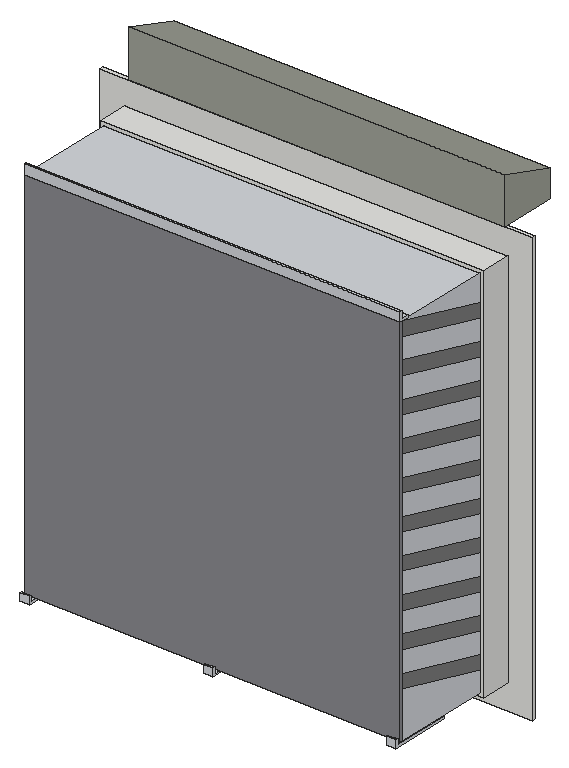
Revit family "97-AWD-LOU-DSD-SS-AC(LOD400)", category Windows, host Wall, Revit 2018
Family settings
  Host = Wall
  OmniClass Number = 23.33.29.31
  Always vertical = Yes
  Cut with Voids When Loaded = No
  Shared = No
  Room Calculation Point = No
Parameters (values of type "AWD-LOU-DSD-SS-AC")
  Width2 [instance] = Width / 2  # 500 mm
  Weather Throat [instance] = yes
  NumberOfLouvre [instance] = Height / 100 mm  # 10
  Height [instance] = 1000 mm
  Default Sill Height [instance] = 800 mm
  Wall Closure = By host
  Width [instance] = 1000 mm
  DSD.Com.Material = "Aluminmum"
  DSD.Com.Installed Date [instance] = "01/05/2018"
  DSD.Com.Commission Date [instance] = "01/01/2019"
  DSD.Com.CAT Code = "ALO"
  DSD.Com.Asset Code [instance] = ""
  DSD.ALO.Width = 500 mm
  DSD.ALO.Space Room [instance] = "Transformer Room"
  DSD.ALO.Offset [instance] = 2451 mm
  DSD.ALO.Maintenance Agent [instance] = "BCM"
  DSD.ALO.Lourve Mark [instance] = "L1"
  DSD.ALO.Link to Other Drawing [instance] = ""
  DSD.ALO.Level [instance] = "9.80"
  DSD.ALO.Height = 500 mm
  DSD.ALO.Handover Date [instance] = "01/02/2019"
  DSD.ALO.Contract Number = "DC/2006/09"
  DSD.ALO.Completion Date [instance] = "30/12/2018"
  Analytic Construction = "<None>"
Reference planes
  plane 1 "Center (Front/Back)": y = 0
  plane 2 "Center (Left/Right)": x = 0
  plane 3 "Left": x = -500
  plane 4 "Right": x = 500
  plane 5 "Sill": z = 800
  plane 6 "Head": z = 1800
  plane 7 "Exterior": y = 100
  plane 8 "Interior": y = -100
  plane 9: z = 832.472
Forms (mm)
  Extrusion 1, solid, material "CONC_Grey_129-132-118", visible <- "Weather Throat"
    sketch origin (-500, 0, 0) x (0, -1, 0) y (0, 0, 1)
      loop
        line (-100, 1875) -> (-100, 2000) -> (-250, 1950) -> (-250, 1875) -> (-100, 1875)
    from -1000 to 0
  Extrusion 2, solid, material "WireMesh_Gray_97-97-104"
    sketch origin (-500, -141, 0) x (0, -1, 0) y (0, 0, 1)
      loop
        line (100, 800) -> (105, 800) -> (105, 1800) -> (100, 1800) -> (100, 800)
    from -1000 to 0
  Sweep 3, solid, material "SS_White_224-223-219"
    path origin (0, 0, 0) x (1, 0, 0) y (0, 0, 1)
      loop
        line (500, 1800) -> (-500, 1800) -> (-500, 800) -> (500, 800) -> (500, 1800)
    profile origin (0, 0, 1800) x (0, 0, -1) y (0, -1, 0)
      loop
        line (0, -109) -> (0, -19) -> (-9, -19) -> (-9, -100) -> (-75, -100) -> (-75, -109) -> (0, -109)
  Extrusion 4, solid
    sketch origin (12.5, 0, 0) x (0, -1, 0) y (0, 0, 1)
      loop
        line (100, 795) -> (100, 790) -> (260, 790) -> (260, 810) -> (255, 810) -> (255, 795) -> (100, 795)
    from 0 to 25
  Extrusion 5, solid
    sketch origin (-225, 0, 0) x (0, -1, 0) y (0, 0, 1)
      loop
        line (100, 795) -> (100, 790) -> (260, 790) -> (260, 810) -> (255, 810) -> (255, 795) -> (100, 795)
    from 250 to 275
  Extrusion 6, solid
    sketch origin (250, 0, 0) x (0, -1, 0) y (0, 0, 1)
      loop
        line (100, 795) -> (100, 790) -> (260, 790) -> (260, 810) -> (255, 810) -> (255, 795) -> (100, 795)
    from -250 to -225
  Extrusion 7, solid
    sketch origin (-500, 0, 0) x (0, -1, 0) y (0, 0, 1)
      loop
        line (246, 1800) -> (246, 1825) -> (241, 1825) -> (241, 1805) -> (221, 1805) -> (221, 1800) -> (246, 1800)
    from -1000 to 0
  Extrusion 8, solid
    sketch origin (0, -100, 0) x (1, 0, 0) y (0, 0, 1)
      loop
        line (491, 809) -> (491, 1791) -> (-491, 1791) -> (-491, 809) -> (491, 809)
      loop
        line (500, 800) -> (500, 1800) -> (-500, 1800) -> (-500, 800) -> (500, 800)
    from -200 to 141
Lines and regions (mm)
  Opening 1
    outline origin (3500, -100, 0) x (1, 0, 0) y (0, 0, 1)
      loop
        line (-3000, 800) -> (-3000, 1800) -> (-4000, 1800) -> (-4000, 800) -> (-3000, 800)
  symbolic lines, style "WindowsFrameMullionProjection"
    curve 1: line (-500, 0, 0) -> (500, 0, 0)
    curve 2: line (-500, 100, 0) -> (-500, -100, 0)
    curve 3: line (500, -100, 0) -> (500, 100, 0)
    curve 5: line (-500, -20, 0) -> (500, -20, 0)
    curve 6: line (-500, -40, 0) -> (500, -40, 0)
    curve 7: line (-500, -60, 0) -> (500, -60, 0)
    curve 8: line (-500, -80, 0) -> (500, -80, 0)
    curve 9: line (-500, -100, 0) -> (500, -100, 0)
    curve 10: line (-500, 20, 0) -> (500, 20, 0)
    curve 11: line (-500, 40, 0) -> (500, 40, 0)
    curve 12: line (-500, 60, 0) -> (500, 60, 0)
    curve 13: line (-500, 80, 0) -> (500, 80, 0)
    curve 14: line (-500, 100, 0) -> (500, 100, 0)
  model lines, not visible
    curve 4: line (500, 540, 1849.5) -> (500, 540, 1850.5)
Text (mm)
  text "EXTERIOR" at (-1814.024, 772.558, 0), in view "Ref. Level"
  text "INTERIOR" at (-1814.024, -603.316, 0), in view "Ref. Level"
  text "Exterior" at (0, 923.751, 2943.296), in view "Right"
  text "Exterior" at (0, 1040.484, 2685.409), in view "Left"
Dimensions and locks
  plane 3 "Left" to plane 2 "Center (Left/Right)" to plane 4 "Right" = 500 mm, 500 mm
  plane 3 "Left" to plane 4 "Right" = 1000 mm
  "Height": plane 5 "Sill" to plane 6 "Head"
  "Default Sill Height": plane 5 "Sill" to level
  locked: plane 7 "Exterior" to host wall at 0
  locked: plane 8 "Interior" to host wall
  locked: Extrusion 2 sketch curve to Extrusion 2 sketch curve at 5
  equal spacing: plane 3 "Left", plane 2 "Center (Left/Right)", plane 4 "Right"
  "Width": plane 3 "Left" to plane 4 "Right"
  locked: nested 1 to plane 6 "Head" at 72.111
  equal spacing: group 2, group 10, group 9, group 8, group 7, group 6, group 5, group 4, group 3, group 1  (x2)
  equal spacing: group 1, group 3, group 4, group 5, group 6, group 7, group 8, group 9, group 10, group 2
  locked: Extrusion 4 sketch curve to Extrusion 4 sketch curve at 5  (x2)
  locked: Extrusion 5 sketch curve to Extrusion 5 sketch curve at 5  (x2)
  locked: plane 3 "Left" to Extrusion 5 at 25
  locked: Extrusion 6 sketch curve to Extrusion 6 sketch curve at 5  (x2)
  locked: Extrusion 6 to plane 4 "Right" at 25
  locked: Extrusion 4 to Extrusion 4 at 25
  equal spacing: Extrusion 4, plane 2 "Center (Left/Right)", Extrusion 4
  locked: plane 6 "Head" to Extrusion 7 sketch curve at 5
  locked: Extrusion 7 sketch curve to Extrusion 7 sketch curve at 5
  locked: Sweep 3 sketch curve to Extrusion 8 at 9
  locked: plane 5 "Sill" to plane 9 at 32.472
  Extrusion 6 to host wall = 160 mm
  host wall to Extrusion 1 = 150 mm
  aligned and locked: host wall to Extrusion 2 sketch curve
  aligned and locked: Extrusion 2 sketch curve to plane 6 "Head"
  aligned and locked: Extrusion 2 to plane 4 "Right"
  aligned and locked: plane 3 "Left" to Extrusion 2
  aligned and locked: plane 4 "Right" to Opening 1 sketch curve
  aligned and locked: plane 3 "Left" to Opening 1 sketch curve
  aligned and locked: plane 6 "Head" to Opening 1 sketch curve
  aligned and locked: Extrusion 1 to plane 4 "Right"
  aligned and locked: plane 3 "Left" to Extrusion 1
  aligned and locked: Extrusion 2 to nested 1
  aligned and locked: Sweep 3 sketch curve to host wall  (x4)
  aligned and locked: curve 3 to curve 1
  aligned and locked: curve 2 to curve 1
  aligned and locked: Extrusion 5 to host wall
  aligned and locked: Extrusion 6 to plane 4 "Right"
  aligned and locked: Extrusion 2 to Extrusion 7 sketch curve
  aligned and locked: Extrusion 7 sketch curve to plane 6 "Head"
  aligned and locked: Extrusion 8 to Extrusion 2
  aligned and locked: host wall to Extrusion 8
  aligned and locked: Extrusion 1 to Sweep 3 sketch curve
  aligned and locked: Sweep 3 sketch curve to Extrusion 8
  aligned and locked: Extrusion 7 to host wall  (x2)
  aligned and locked: plane 9 to nested 2
  aligned and locked: nested 2 to plane 4 "Right"
Automatic sketch dimensions
  Opening 1 sketch curve to plane 5 "Sill" = 0 mm
  Extrusion 1 sketch curve to host wall = 0 mm
  host wall to Extrusion 1 sketch curve = 150 mm
  Extrusion 1 sketch curve to plane 6 "Head" = 75 mm
  Extrusion 1 sketch curve to Extrusion 1 sketch curve = 75 mm
  Extrusion 1 sketch curve to Extrusion 1 sketch curve = 125 mm
  host wall to Extrusion 2 sketch curve = 141 mm
  Extrusion 4 sketch curve to host wall = 0 mm
  plane 5 "Sill" to Extrusion 4 sketch curve = 5 mm
  Extrusion 4 sketch curve to Extrusion 4 sketch curve = 155 mm
  Extrusion 4 sketch curve to plane 5 "Sill" = 10 mm
  Extrusion 5 sketch curve to host wall = 0 mm
  plane 5 "Sill" to Extrusion 5 sketch curve = 5 mm
  host wall to Extrusion 5 sketch curve = 155 mm
  Extrusion 5 sketch curve to plane 5 "Sill" = 10 mm
  Extrusion 6 sketch curve to host wall = 0 mm
  plane 5 "Sill" to Extrusion 6 sketch curve = 5 mm
  Extrusion 6 sketch curve to Extrusion 6 sketch curve = 155 mm
  Extrusion 6 sketch curve to plane 5 "Sill" = 10 mm
  Extrusion 7 sketch curve to Extrusion 7 sketch curve = 20 mm  (x2)
  plane 3 "Left" to Extrusion 8 sketch curve = 0 mm
  plane 4 "Right" to Extrusion 8 sketch curve = 0 mm
  Extrusion 8 sketch curve to plane 5 "Sill" = 0 mm
  Extrusion 8 sketch curve to plane 6 "Head" = 0 mm
  Extrusion 8 sketch curve to plane 3 "Left" = 9 mm
  plane 4 "Right" to Extrusion 8 sketch curve = 9 mm
  Extrusion 8 sketch curve to plane 5 "Sill" = 9 mm
  plane 6 "Head" to Extrusion 8 sketch curve = 9 mm
  Sweep 3 sketch curve to plane 1 "Center (Front/Back)" = 109 mm
  Sweep 3 sketch curve to Sweep 3 sketch curve = 9 mm
  Sweep 3 sketch curve to plane 1 "Center (Front/Back)" = 19 mm
  curve 4 to plane 6 "Head" = 49.5 mm
  curve 4 to plane 6 "Head" = 50.5 mm
  host wall to curve 4 = 440 mm
  host wall to curve 1 = 0 mm
  curve 1 to plane 3 "Left" = 0 mm
  curve 7 to plane 4 "Right" = 0 mm
  host wall to curve 2 = 0 mm
  curve 2 to host wall = 0 mm
  curve 8 to host wall = 20 mm
  curve 8 to curve 7 = 20 mm
  curve 7 to curve 6 = 20 mm
  host wall to curve 5 = 20 mm
  curve 10 to host wall = 20 mm
  curve 10 to curve 11 = 20 mm
  curve 11 to curve 12 = 20 mm
  curve 13 to curve 14 = 20 mm
Nested families
  nested 1: "Acoustic Louvre" at (-500, 100, 1672.191), Width <- "Width", type "Acoustic Louvre"
    with Width 1000 mm
  nested 2: "Acoustic Louvre" at (-500, 100, 832.472), Width <- "Width", type "Acoustic Louvre"
    with Width 1000 mm
  nested 3: "Acoustic Louvre" at (-500, 100, 1578.889), Width <- "Width", type "Acoustic Louvre"
    with Width 1000 mm
  nested 4: "Acoustic Louvre" at (-500, 100, 1485.586), Width <- "Width", type "Acoustic Louvre"
    with Width 1000 mm
  nested 5: "Acoustic Louvre" at (-500, 100, 1392.284), Width <- "Width", type "Acoustic Louvre"
    with Width 1000 mm
  nested 6: "Acoustic Louvre" at (-500, 100, 1298.982), Width <- "Width", type "Acoustic Louvre"
    with Width 1000 mm
  nested 7: "Acoustic Louvre" at (-500, 100, 1205.68), Width <- "Width", type "Acoustic Louvre"
    with Width 1000 mm
  nested 8: "Acoustic Louvre" at (-500, 100, 1112.378), Width <- "Width", type "Acoustic Louvre"
    with Width 1000 mm
  nested 9: "Acoustic Louvre" at (-500, 100, 1019.076), Width <- "Width", type "Acoustic Louvre"
    with Width 1000 mm
  nested 10: "Acoustic Louvre" at (-500, 100, 925.774), Width <- "Width", type "Acoustic Louvre"
    with Width 1000 mm
Definition of nested family "Acoustic Louvre"
  Parameters (values of type "Acoustic Louvre")
    Width [instance] = 500 mm
  Reference planes
    plane 1 "Center (Front/Back)": y = 0
    plane 2: z = 0
    plane 3 "Center (Left/Right)": x = 0
  Forms (mm)
    Extrusion 1, solid
      sketch origin (0, 0, 0) x (0, 1, 0) y (0, 0, 1)
        loop
          line (0, 0) -> (0, 55.698) -> (-71.878, 55.698) -> (-341, 127.809) -> (-341, 91.371) -> (0, 0)
      from 0 to 500
  Dimensions and locks
    "Width": Extrusion 1 to Extrusion 1
    aligned and locked: level to plane 2
  Automatic sketch dimensions
    Extrusion 1 sketch curve to level = 0 mm
    Extrusion 1 sketch curve to plane 1 "Center (Front/Back)" = 0 mm
    level to Extrusion 1 sketch curve = 91.371 mm
    level to Extrusion 1 sketch curve = 55.698 mm
    Extrusion 1 sketch curve to Extrusion 1 sketch curve = 36.439 mm
    plane 1 "Center (Front/Back)" to Extrusion 1 sketch curve = 71.878 mm
    Extrusion 1 sketch curve to Extrusion 1 sketch curve = 269.122 mm
